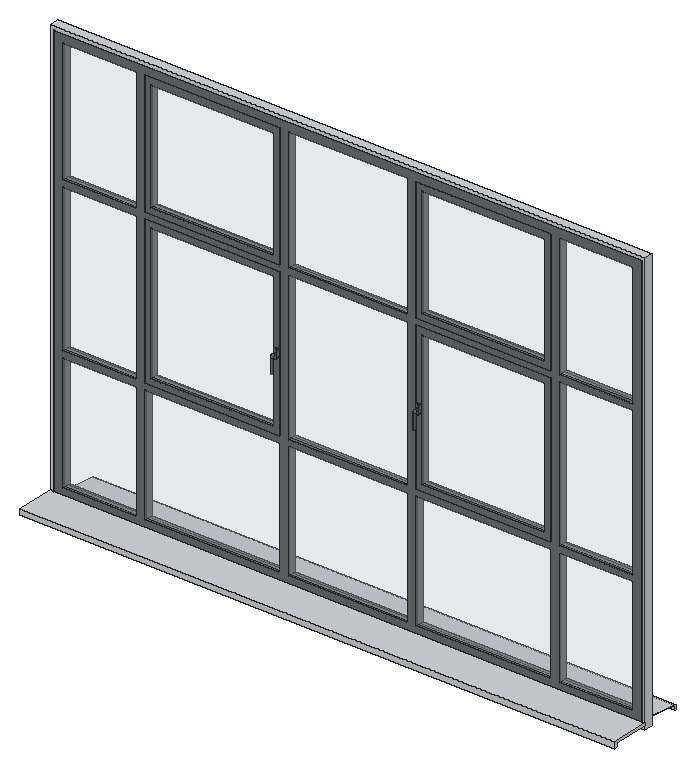
Revit family "AVLN_Окно_Две Фрамуга_5 створок", category Окна, Revit 2021 (continued)
Definition of nested family "AVLN_Откосы_R19"
  Nested families
    nested 6: "Откос_R1" at (0, 100, 377.189), ADSK_Размер_Глубина <- "Глубина", built-in parameter 1001364 <- "Высота от уровня", ADSK_Группирование <- "ADSK_Группирование", ADSK_Номер секции <- "ADSK_Номер секции", ADSK_Этаж <- "ADSK_Этаж", visible <- "Видимость_6", Видимость <- "Видимость_6", Материал <- "Материал_6", ADSK_Размер_Высота <- "Высота_6", ADSK_Размер_Толщина <- "Толщина_6", ADSK_Размер_Ширина <- "Ширина_6", Отступ_Л <- "Отступ_Л", Отступ_П <- "Отступ_П", type "Откос_R19 2"
      with Площадь 0.752 m², Отступ_П 0 mm, Отступ_Л 0 mm, Материал none, Видимость yes, ADSK_Этаж "", ADSK_Размер_Ширина 880 mm, ADSK_Размер_Толщина 24 mm, ADSK_Размер_Глубина 200 mm, ADSK_Размер_Высота 1440 mm, ADSK_Номер секции "", ADSK_Группирование ""
    nested 7: "Откос_R1" at (0, 100, 377.189), ADSK_Размер_Глубина <- "Глубина", built-in parameter 1001364 <- "Высота от уровня", ADSK_Группирование <- "ADSK_Группирование", ADSK_Номер секции <- "ADSK_Номер секции", ADSK_Этаж <- "ADSK_Этаж", visible <- "Видимость_7", Видимость <- "Видимость_7", Материал <- "Материал_7", ADSK_Размер_Высота <- "Высота_7", ADSK_Размер_Толщина <- "Толщина_7", ADSK_Размер_Ширина <- "Ширина_7", Отступ_Л <- "Отступ_Л", Отступ_П <- "Отступ_П", type "Откос_R19 2"
      with Площадь 0.7328 m², Отступ_П 0 mm, Отступ_Л 0 mm, Материал none, Видимость yes, ADSK_Этаж "", ADSK_Размер_Ширина 832 mm, ADSK_Размер_Толщина 28 mm, ADSK_Размер_Глубина 200 mm, ADSK_Размер_Высота 1416 mm, ADSK_Номер секции "", ADSK_Группирование ""
    nested 8: "Откос_R1" at (0, 100, 377.189), ADSK_Размер_Глубина <- "Глубина", built-in parameter 1001364 <- "Высота от уровня", ADSK_Группирование <- "ADSK_Группирование", ADSK_Номер секции <- "ADSK_Номер секции", ADSK_Этаж <- "ADSK_Этаж", visible <- "Видимость_8", Видимость <- "Видимость_8", Материал <- "Материал_8", ADSK_Размер_Высота <- "Высота_8", ADSK_Размер_Толщина <- "Толщина_8", ADSK_Размер_Ширина <- "Ширина_8", Отступ_Л <- "Отступ_Л", Отступ_П <- "Отступ_П", type "Откос_R19 2"
      with Площадь 0.7104 m², Отступ_П 0 mm, Отступ_Л 0 mm, Материал none, Видимость yes, ADSK_Этаж "", ADSK_Размер_Ширина 776 mm, ADSK_Размер_Толщина 32 mm, ADSK_Размер_Глубина 200 mm, ADSK_Размер_Высота 1388 mm, ADSK_Номер секции "", ADSK_Группирование ""
  Definition of nested family "Откос_R1"
    Parameters (values of type "Откос_R19")
      Площадь [instance] = (ADSK_Размер_Ширина + 2 * ADSK_Размер_Высота) * ADSK_Размер_Глубина  # 2.93564 m²
      Отступ_П [instance] = 0 mm
      Отступ_Л [instance] = 0 mm
      Материал [instance] = none
      Model = "Внутренний слой откоса"  # constant formula
      Видимость [instance] = yes
      ADSK_Этаж [instance] = ""
      ADSK_Размер_Ширина [instance] = 1880 mm
      ADSK_Размер_Толщина [instance] = 164.158 mm
      ADSK_Размер_Глубина [instance] = 560 mm
      ADSK_Размер_Высота [instance] = 1681.106 mm
      ADSK_Примечание = ""
      ADSK_Обозначение = ""
      ADSK_Номер секции [instance] = ""
      ADSK_Наименование = ""
      ADSK_Марка = ""
      ADSK_Группирование [instance] = ""
    Reference planes
      plane 1 "По центру (Вперед/Назад)": y = 0
      plane 2: z = 0
      plane 3 "По центру (Влево/Вправо)": x = 0
      plane 4: x = -940
      plane 5: x = 940
      plane 6: y = 280
      plane 7: y = -280
      plane 8: x = -775.842
      plane 9: z = 1681.106
      plane 10: z = 0
      plane 11: z = 0
    Forms (mm)
      Sweep 1, solid, material <- "Материал", visible <- "Видимость"
        path origin (0, 0, 0) x (1, 0, 0) y (0, 0, 1)
          loop
            line (940, 0) -> (940, 1681.106) -> (-940, 1681.106) -> (-940, 0)
        profile origin (-940, 0, 840.553) x (0, -1, 0) y (1, 0, 0)
          loop
            line (-280, 0) -> (280, 0) -> (280, 164.158) -> (-280, 164.158) -> (-280, 0)
    Dimensions and locks
      equal spacing: plane 6, plane 1 "По центру (Вперед/Назад)", plane 7
      equal spacing: plane 4, plane 3 "По центру (Влево/Вправо)", plane 5
      "ADSK_Размер_Толщина": plane 4 to plane 8
      "ADSK_Размер_Глубина": plane 6 to plane 7
      "ADSK_Размер_Высота": plane 9 to level
      "ADSK_Размер_Ширина": plane 5 to plane 4
      "Отступ_Л": plane 10 to level
      "Отступ_П": plane 11 to level
      aligned and locked: level to plane 2
      aligned and locked: Sweep 1 sketch curve to plane 4
      aligned and locked: Sweep 1 sketch curve to plane 9
      aligned and locked: Sweep 1 sketch curve to plane 5
      aligned and locked: plane 6 to Sweep 1 sketch curve
      aligned and locked: profile plane to Sweep 1 sketch curve
      aligned and locked: Sweep 1 sketch curve to plane 7
      aligned and locked: plane 8 to Sweep 1 sketch curve
      aligned and locked: plane 10 to Sweep 1 sketch curve
      aligned and locked: plane 11 to Sweep 1 sketch curve
Types (3, lengths in mm): name | Створка_снизу_высота | Створка_центр_ширина | Створка_центр_высота | Rough Width | Rough Height | Подоконник_Длина | Отлив_Длина | Откос_Н.Ширина | Откос_Н.Высота | Откос_В.Толщина.1 | Height | Width | АВЛН_Проем_Ширина | АВЛН_Проем_Высота | ADSK_Размер_Ширина | ADSK_Размер_Высота
  ОК-8.1 3450х4600 | 950 | 720 | 1200 | 4540 | 3390 | 4600 | 4500 | 4500 | 3400 | 4 | 3450 | 4600 | 4600 | 3450 | 4600 | 3450
  ОК-1 3650х4850 ф/в | 900 | 970 | 1450 | 4790 | 3590 | 4850 | 4750 | 4750 | 3600 | 16 | 3650 | 4850 | 4850 | 3650 | 4850 | 3650
  ОК-8 3450х4850 | 950 | 970 | 1200 | 4790 | 3390 | 4850 | 4750 | 4750 | 3400 | 4 | 3450 | 4850 | 4850 | 3450 | 4850 | 3450
